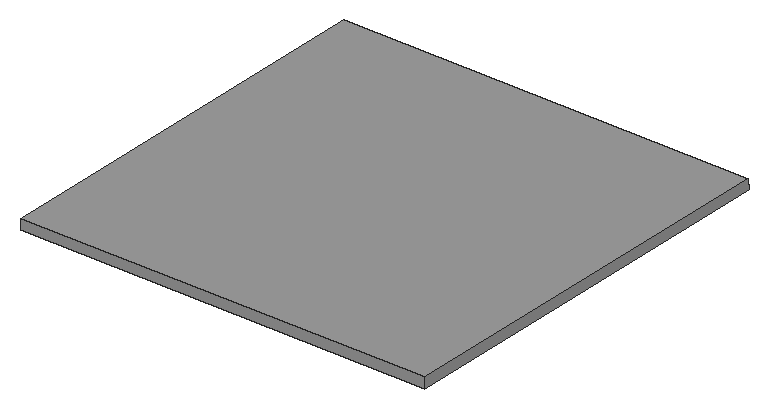
Revit family "WM-MN Skimmend 100mm Family", category Generic Models, host Ceiling, Revit 2017
Family settings
  Host = Ceiling
  Can host rebar = No
  Round Connector Dimension = Use Diameter
  Part Type = Normal
  Always vertical = Yes
  Cut with Voids When Loaded = No
  Shared = No
  Room Calculation Point = No
Parameters (values of type "Lambdaboard")
  Width = 4000 mm
  URL = "www.rigifoam.com"
  Type Comments = "duncan@rigifoam.com"
  Thermal Resistance = 4.1700 (m²·K)/W
  Thermal Conductivity = 0.0240 W/(m·K)
  Model = "WM/MN Skimmend 100mm"
  Material = Polyisocyanurate
  Manufacturer = "Lambdaboard"
  Length = 4000 mm
  Description = "Flexible PIR Insulation"
  Depth = 100 mm
  Density = 40.0000 kg/m³
Reference planes
  plane 1 "Center (Front/Back)": y = 0
  plane 2: z = 0
  plane 3 "Center (Left/Right)": x = 0
  plane 4 "Ceiling": z = 4000
Forms (mm)
  Extrusion 1, solid, material "Polyisocyanurate" <- "Material"
    sketch origin (0, 0, 4000) x (0, 1, 0) y (-1, 0, 0)
      loop
        line (2000, 2000) -> (-2000, 2000) -> (-2000, -2000) -> (2000, -2000) -> (2000, 2000)
    from -100 to 0
Dimensions and locks
  equal spacing: host sketch curve, plane 3 "Center (Left/Right)", host sketch curve
  equal spacing: host sketch curve, plane 1 "Center (Front/Back)", host sketch curve
  host sketch curve to host sketch curve = 4000 mm  (x2)
  plane 4 "Ceiling" to host ceiling = 0 mm
  "Length": Extrusion 1 to Extrusion 1
  "Width": Extrusion 1 to Extrusion 1
  equal spacing: Extrusion 1, plane 3 "Center (Left/Right)", Extrusion 1
  "Depth": Extrusion 1 to Extrusion 1
Automatic sketch dimensions
  plane 1 "Center (Front/Back)" to Extrusion 1 sketch curve = 2000 mm
  Extrusion 1 sketch curve to plane 1 "Center (Front/Back)" = 2000 mm
  plane 3 "Center (Left/Right)" to Extrusion 1 sketch curve = 2000 mm
  Extrusion 1 sketch curve to plane 3 "Center (Left/Right)" = 2000 mm
